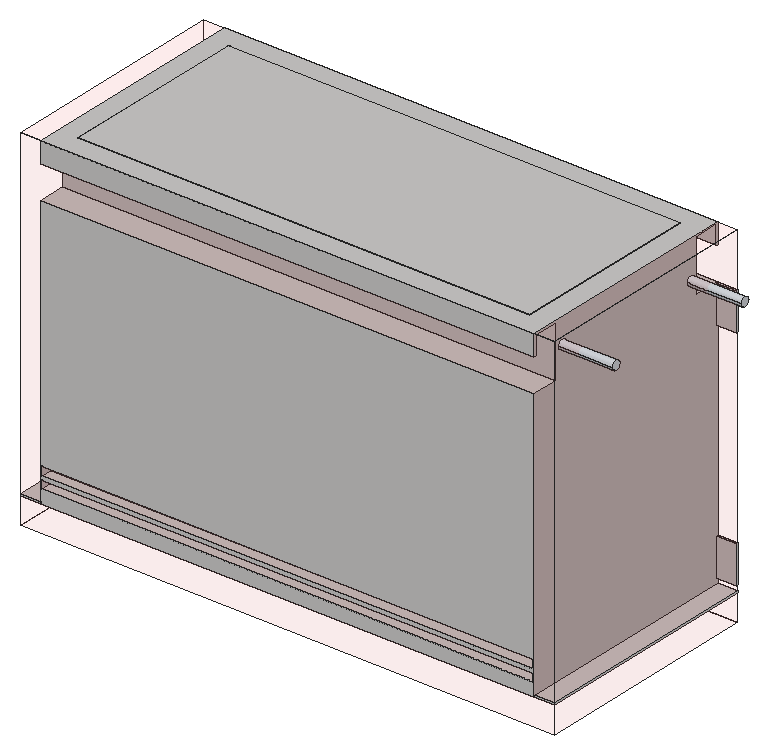
Revit family "Air-Curtain_Industrial_PoweredAire_Steam", category Mechanical Equipment, host Face, Revit 2023
Family settings
  Host = Face
  Round Connector Dimension = Use Diameter
  Part Type = Normal
  OmniClass Number = 23.75.35.17.21
  OmniClass Title = Air Curtains
  Cut with Voids When Loaded = No
  Maintain Annotation Orientation = No
  Shared = No
  Room Calculation Point = No
Parameters
  upperrotation [instance] = if(Upper Pipe Connection Side A, 0.00°, 180.00°)  # 0.00°
  topbracket [instance] = and(Unit Height = 1' 4 3/4", Unit Depth = 1' 11 3/4")  # yes
  lowerrotation [instance] = if(Lower Pipe Connection Side A, 0.00°, 180.00°)  # 0.00°
  locateupperpipe [instance] = if(Upper Pipe Connection Side A, 0' 0", Nozzle Width)  # 0' - 0"
  locatelowerpipe [instance] = if(Lower Pipe Connection Side A, 0' 0", Nozzle Width)  # 0' - 0"
  Warranty Duration (Years) = 0
  Upper Pipe Connection Side A [instance] = yes
  Unit Width Notes = "Other Widths available."  # constant formula
  Unit Width = 3' - 3"
  Unit Weight = 0
  Unit Height = 1' - 4 3/4"
  Unit Depth = 1' - 11 3/4"
  URL = "http://www.poweredaire.com/"
  Test Data = ""
  Standards Conformance = "as Specified"
  Specification = "http://www.arcat.com/sdspecs/htm04/23_34_33pai.htm"
  SpecWizard = ""
  Sound Pressure = "as Specified"
  Sales Information = "http://www.poweredaire.com/contact_us"
  Revision = "R1_2016-08"
  Projection from Host [instance] = 0' - 2"
  Product Properties = ""
  Product Data = "http://www.arcat.com/arcatcos/cos47/arc47623.html"
  Power Rating = 0 W
  Piping_Water Flow [instance] = 0 GPM
  Piping_Operating Pressure [instance] = 0.00 psi
  Piping_Exit Temperature [instance] = 0 °F
  Piping_Entry Temperature [instance] = 0 °F
  Pipe OD [instance] = 5/8"
  Nozzle Width = if(1 = 1, Unit Width - 0' 3", 0' 0")  # 3' - 0"
  Mounting Width = if(1 = 1, Unit Width - 0' 1 1/2", 0' 0")  # 3' - 1 1/2"
  Mounting Height [instance] = 3' - 6"
  Motor RPM = 0
  Motor HP = 0
  Motor Count = 0
  Model = "As Specified"
  Max Height = 0' - 0"
  Manufacturer Website = "http://www.poweredaire.com/"
  Manufacturer Phone - Toll Free = "888-321-2473"
  Manufacturer Phone = "724-588-3305"
  Manufacturer Fax = "724-588-3371"
  Manufacturer Address = "109 Mortensen Rd.  Greenville, PA 16125"
  Manufacturer = "Powered Aire, Inc"
  Maintenance Schedule (Months) = 0
  Lower Pipe Connection Side A [instance] = yes
  Keynote = "23 34 33"
  Installation-Fabrication = ""
  Installation Phase = ""
  Include Clearance [instance] = yes
  Heating Element Load = 0 W
  HVAC_Temperature Rise = 0 °F
  HVAC_Outlet Volume = 0 CFM
  HVAC_Outlet Velocity Uniformity = 0
  HVAC_Outlet Velocity = 0 FPM
  HVAC_BTU Input = 0.0 Btu/h
  Green Building-LEED = "http://www.arcat.com/green/clients/leed_data_47623.html"
  Front Grating Material [instance] = Metal - Steel - PoweredAire - Stainless 304 Perforated
  Frame Finish [instance] = Metal - Steel - PoweredAire - Stainless 304
  Expected Lifespan (Years) = 0
  Electrical_Wattage [instance] = Power Rating + Heating Element Load  # 0 W
  Electrical_Voltage [instance] = 0 V
  Electrical_Phase [instance] = 1
  Electrical_Frequency [instance] = 0 Hz
  Electrical_Amperage [instance] = 0 A
  Drawn By = "Sumex Design, Inc. / Robert S. Weygant, CSI, CDT, SCIP"
  Description = "Powered Aire Air Curtain as Specified"
  Default Elevation = 0' - 0"  # constant formula
  Copyright = "©Arcat Inc."
  Construction Details = "http://www.arcat.com/details/powair/prod3336.html"
  Clearance_Top [instance] = 0' - 0"
  Clearance_Side B [instance] = 0' - 0"
  Clearance_Side A [instance] = 0' - 0"
  Clearance_Intake [instance] = 0' - 0"
  Clearance_Bottom [instance] = 0' - 0"
  Clearance Material [instance] = ARCAT Clearance
  Building Codes = ""
  Available Options [instance] = "as Specified"
  Assembly Code = "D3090400"
Reference planes (in)
  plane 1 "Center (Elevation)": y = 0.13818
  plane 2: z = 0
  plane 3 "Center (Left/Right)": x = 0
  plane 4: y = 8.51318
  plane 5: y = -8.23682
  plane 6: x = -19.5
  plane 7: x = 19.5
  plane 8: z = 25.75
  plane 9 "FF": y = -41.86182
  plane 10: z = 2
  plane 11: x = 18
  plane 12: x = -18
  plane 13: y = 8.51318
  plane 14: y = -8.23682
  plane 15: x = -19.5
  plane 16: x = 19.5
  plane 17: z = 25.75
  plane 18: x = 17.9375
  plane 19: x = -17.9375
  plane 20: x = 18
  plane 21: x = 18
  plane 22: y = 6.01318
  plane 23: y = -5.73682
Forms (in)
  Extrusion 1, solid, material "Metal - Steel - PoweredAire - Stainless 304" <- "Frame Finish"
    sketch origin (0, 0, 0) x (0, 1, 0) y (0, 0, 1)
      loop
        line (-8.23682, 2) -> (8.51318, 2) -> (8.51318, 21.8125) -> (6.51318, 21.8125) -> (6.51318, 25.625) -> (8.38818, 25.625) -> (8.38818, 24.25) -> (8.51318, 24.25) -> (8.51318, 25.75) -> (-8.23682, 25.75) -> (-8.23682, 24.25) -> (-8.11182, 24.25) -> (-8.11182, 25.625) -> (-6.23682, 25.625) -> (-6.23682, 21.8125) -> (-8.23682, 21.8125) -> (-8.23682, 2)
    from -18 to 18
  Extrusion 2, solid, material "ARCAT Clearance" <- "Clearance Material", visible <- "Include Clearance"
    sketch origin (0, 0, 0) x (0, 1, 0) y (0, 0, 1)
      loop
        line (-8.23682, 25.75) -> (-8.23682, 0) -> (8.51318, 0) -> (8.51318, 25.75) -> (-8.23682, 25.75)
    from -19.5 to 19.5
  Extrusion 3, solid, material "Metal - Steel - PoweredAire - Stainless 304" <- "Frame Finish"
    sketch origin (-15.17702, -180, 2) x (-1, 0, 0) y (0, -1, 0)
      loop
        line (-33.17702, -188.51318) -> (-33.17702, -171.76318) -> (-34.67702, -171.76318) -> (-34.67702, -188.51318) -> (-33.17702, -188.51318)
      loop
        line (2.82298, -188.51318) -> (4.32298, -188.51318) -> (4.32298, -171.76318) -> (2.82298, -171.76318) -> (2.82298, -188.51318)
    from 0 to 0.125
  Extrusion 4, solid, material "Metal - Steel - PoweredAire - Stainless 304" <- "Frame Finish", visible <- "topbracket"
    sketch origin (-11.83813, 8.51318, 48) x (-1, 0, 0) y (0, 0, 1)
      loop
        line (-29.83813, -45.5) -> (-29.83813, -42.75) -> (-31.33813, -42.75) -> (-31.33813, -45.5) -> (-29.83813, -45.5)
      loop
        line (-29.83813, -28.9375) -> (-29.83813, -26.1875) -> (-31.33813, -26.1875) -> (-31.33813, -28.9375) -> (-29.83813, -28.9375)
      loop
        line (6.16187, -45.5) -> (7.66187, -45.5) -> (7.66187, -42.75) -> (6.16187, -42.75) -> (6.16187, -45.5)
      loop
        line (6.16187, -28.9375) -> (7.66187, -28.9375) -> (7.66187, -26.1875) -> (6.16187, -26.1875) -> (6.16187, -28.9375)
    from 0 to -0.125
  Extrusion 5, void
    sketch origin (0, 0, 0) x (0, 1, 0) y (0, 0, 1)
      loop
        line (-8.23682, 3) -> (-7.23682, 3) -> (-7.23682, 4.5) -> (-8.23682, 4.5) -> (-8.23682, 3.82425) -> (-7.38364, 3.82425) -> (-7.38364, 3.57425) -> (-8.23682, 3.57425) -> (-8.23682, 3)
    from -17.9375 to 17.9375
  Extrusion 6, solid, material "Metal - Steel - PoweredAire - Stainless 304 Perforated" <- "Front Grating Material"
    sketch origin (0, -8.23682, 25.75) x (0, 1, 0) y (-1, 0, 0)
      loop
        line (15.25, 16.5) -> (1.5, 16.5) -> (1.5, -16.5) -> (15.25, -16.5) -> (15.25, 16.5)
    from 0 to 0.03125
  Sweep 7, solid
    path origin (18, 6.01318, 0) x (1, 0, 0) y (0, 1, 0)
      loop
        line (0, 0) -> (4, 0)
    profile origin (20, 6.01318, 0) x (0, 1, 0) y (0, 0, 1)
      loop
        circle (0, 23) r 0.3125
  Sweep 8, solid
    path origin (18, -5.73682, 0) x (1, 0, 0) y (0, 1, 0)
      loop
        line (0, 0) -> (4, 0)
    profile origin (20, -5.73682, 0) x (0, 1, 0) y (0, 0, 1)
      loop
        circle (0, 24) r 0.3125
Cuts and joins
  Extrusion 5 cuts Extrusion 1
Lines and regions (in)
  reference lines
    curve 1: line (18, 6.01318, 0) -> (22.75, 6.01318, 0)
    curve 2: line (18, -5.73682, 0) -> (23.75, -5.73682, 0)
Dimensions and locks (in)
  equal spacing: plane 4, plane 1 "Center (Elevation)", plane 5
  "Unit Height": plane 4 to plane 5
  equal spacing: plane 6, plane 3 "Center (Left/Right)", plane 7
  "Unit Width": plane 6 to plane 7
  "Mounting Height": plane 1 "Center (Elevation)" to plane 9 "FF"
  "Projection from Host": plane 10 to level
  "Unit Depth": plane 8 to plane 10
  locked: plane 6 to plane 12 at 1.5
  locked: plane 11 to plane 7 at 1.5
  "Clearance_Side A": plane 7 to plane 16
  "Clearance_Side B": plane 15 to plane 6
  "Clearance_Top": plane 13 to plane 4
  "Clearance_Bottom": plane 5 to plane 14
  "Clearance_Intake": plane 17 to plane 8
  plane 5 to Extrusion 1 sketch curve to Extrusion 1 sketch curve = 0' - 0 1/8" locked, 0' - 1 7/8" locked
  Extrusion 1 sketch curve to Extrusion 1 sketch curve to plane 4 = 0' - 1 7/8" locked, 0' - 0 1/8" locked
  Extrusion 4 sketch curve to Extrusion 4 sketch curve to Extrusion 4 sketch curve to Extrusion 4 sketch curve to plane 10 = 0' - 2 3/4" locked, 1' - 1 13/16" locked, 0' - 2 3/4" locked, 0' - 0 1/2" locked
  Extrusion 4 sketch curve to Extrusion 4 sketch curve to Extrusion 4 sketch curve to Extrusion 4 sketch curve = 0' - 2 3/4" locked, 1' - 1 13/16" locked, 0' - 2 3/4" locked
  locked: Extrusion 4 sketch curve to plane 10 at 0.5
  plane 8 to Extrusion 1 sketch curve to Extrusion 1 sketch curve = 0' - 0 1/8" locked, 0' - 1 3/8" locked  (x2)
  locked: Extrusion 1 sketch curve to plane 10 at 19.8125  (x2)
  Extrusion 5 sketch curve to Extrusion 5 sketch curve to Extrusion 5 sketch curve to Extrusion 5 sketch curve to plane 10 = 0' - 0.67575" locked, 0' - 0 1/4" locked, 0' - 0.57425" locked, 0' - 1" locked
  plane 5 to Extrusion 5 sketch curve to Extrusion 5 sketch curve = 0' - 0.85319" locked, 0' - 0.14681" locked
  locked: plane 19 to plane 12 at 0.0625
  locked: plane 11 to plane 18 at 0.0625
  locked: plane 4 to Extrusion 6 sketch curve at 1.5
  locked: Extrusion 6 sketch curve to plane 5 at 1.5
  locked: Extrusion 6 sketch curve to plane 11 at 1.5
  locked: plane 12 to Extrusion 6 sketch curve at 1.5
  "locateupperpipe": plane 20 to plane 11
  "locatelowerpipe": plane 21 to plane 11
  locked: plane 4 to plane 22 at 2.5
  locked: plane 23 to plane 5 at 2.5
  locked: curve 1 to Sweep 7 sketch curve at 4
  locked: curve 1 to Sweep 7 sketch curve
  locked: Sweep 7 sketch curve to plane 10 at 21
  locked: curve 2 to Sweep 8 sketch curve at 4
  locked: curve 2 to Sweep 8 sketch curve
  locked: Sweep 8 sketch curve to plane 10 at 22
  "upperrotation": angle plane 22 to curve 1
  "lowerrotation": angle plane 23 to curve 2
  aligned and locked: plane 2 to host face
  aligned and locked: level to host face
  aligned and locked: Extrusion 2 sketch curve to plane 17
  aligned and locked: plane 14 to Extrusion 2 sketch curve
  aligned and locked: level to Extrusion 2 sketch curve
  aligned and locked: Extrusion 2 sketch curve to plane 13
  aligned and locked: plane 16 to Extrusion 2
  aligned and locked: Extrusion 2 to plane 15
  aligned and locked: plane 11 to Extrusion 1
  aligned and locked: Extrusion 1 to plane 12
  aligned and locked: plane 21 to curve 2
  aligned and locked: plane 23 to curve 2
  aligned and locked: plane 22 to curve 1
  aligned and locked: plane 20 to curve 1
Automatic sketch dimensions
  host sketch curve to host sketch curve = 8' - 0"  (x2)
  Extrusion 1 sketch curve to plane 5 = 0' - 0"  (x2)
  Extrusion 1 sketch curve to plane 4 = 0' - 0"  (x2)
  Extrusion 1 sketch curve to plane 10 = 0' - 0"
  Extrusion 1 sketch curve to plane 8 = 0' - 0"
  plane 4 to Extrusion 3 sketch curve = 0' - 0"
  Extrusion 3 sketch curve to plane 7 = 0' - 0"
  plane 5 to Extrusion 3 sketch curve = 0' - 0"
  Extrusion 3 sketch curve to plane 11 = 0' - 0"
  Extrusion 3 sketch curve to plane 4 = 0' - 0"
  Extrusion 3 sketch curve to plane 12 = 0' - 0"
  Extrusion 3 sketch curve to plane 6 = 0' - 0"
  Extrusion 3 sketch curve to plane 5 = 0' - 0"
  Extrusion 4 sketch curve to plane 7 = 0' - 0"  (x2)
  Extrusion 4 sketch curve to plane 11 = 0' - 0"  (x2)
  Extrusion 4 sketch curve to plane 12 = 0' - 0"  (x2)
  Extrusion 4 sketch curve to plane 6 = 0' - 0"  (x2)
  Extrusion 5 sketch curve to plane 5 = 0' - 0"  (x2)
  Sweep 7 sketch curve to profile plane = 0' - 0"
  Sweep 8 sketch curve to profile plane = 0' - 0"
  radius of Sweep 7 sketch curve = 0' - 0 5/16"
  radius of Sweep 8 sketch curve = 0' - 0 5/16"
Connectors (in)
  piping at (22, 6.01318, 23), diameter 0.625, driven by "Pipe OD", driven by "Piping_Water Flow"
    settings: on Sweep 7, index 1, connector inside diameter 24", connector length 0' - 0", flow factor 0, pipe flow 0 GPM, pressure drop 0.00 psi, fitting loss kfactor 0, connector angle 0.00°, fixture units 0, engagement length 0' - 0", angle of deflection 0.00°, flow configuration 0, flow direction 0, fitting loss method 0, system type 29, joint type 0, gender type 0, connector reference index -1, connector utility 0, adjustable connector no, is connector primary yes, connector description "Define Supply or Return and Location"
  piping at (22, -5.73682, 24), diameter 0.625, driven by "Pipe OD", driven by "Piping_Water Flow"
    settings: on Sweep 8, index 2, connector inside diameter 24", connector length 0' - 0", flow factor 0, pipe flow 0 GPM, pressure drop 0.00 psi, fitting loss kfactor 0, connector angle 0.00°, fixture units 0, engagement length 0' - 0", angle of deflection 0.00°, flow configuration 0, flow direction 0, fitting loss method 0, system type 29, joint type 0, gender type 0, connector reference index -1, connector utility 0, adjustable connector no, is connector primary no, connector description "Define Supply or Return and Location"
  electrical at (-18, 0.13818, 21.39062), driven by "Electrical_Voltage", driven by "Electrical_Phase"
    settings: on cut or joined group of Extrusion 1, Extrusion 5, index 3, voltage 0 V, apparent load 0 VA, apparent load phase1 0 VA, apparent load phase2 0 VA, apparent load phase3 0 VA, power factor 1, load classification "Motor", number of poles 1, system type 31, power factor state 1, is connector primary yes, connector utility no, sub classification motor no, connector description ""
